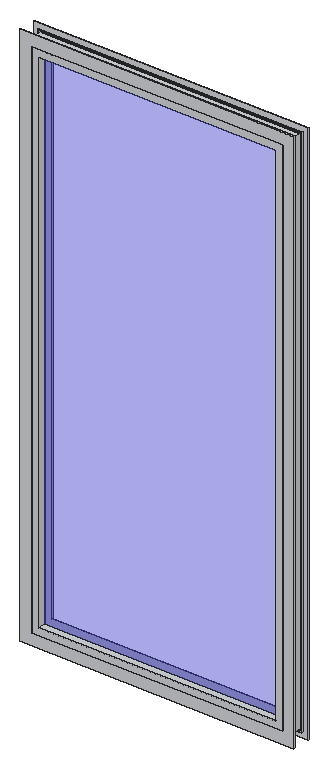
Revit family "1150_Fixed", category Windows, host Wall, Revit 2023
Family settings
  Host = Wall
  OmniClass Number = 23.30.20.00
  OmniClass Title = Windows
  Always vertical = Yes
  Cut with Voids When Loaded = No
  Shared = No
  Room Calculation Point = No
Parameters
  Height = 5' - 0"
  Glass Material = Glass
  Frame Material = none
  Depth From Exterior = 0' - 1"
  Default Sill Height = 2' - 6"
  Wall Closure = By host
  Width = 2' - 6"
Reference planes (in)
  plane 1 "Center (Front/Back)": y = 0
  plane 2: z = 0
  plane 3 "Center (Left/Right)": x = 0
  plane 4 "Left": x = -15
  plane 5 "Right": x = 15
  plane 6 "Sill": z = 30
  plane 7 "Top": z = 90
  plane 8: y = 3
  plane 9: y = 2
  plane 10: y = 0
Forms (in)
  Sweep 1, solid
    path origin (0, 0, 0) x (1, 0, 0) y (0, 0, 1)
      loop
        line (15, 30) -> (15, 90) -> (-15, 90) -> (-15, 30) -> (15, 30)
    profile origin (0, 0, 30) x (0, 0, -1) y (0, -1, 0)
      loop
        line (-2.031, -2) -> (0, -2) -> (0, -1.9) -> (-0.57, -1.9) -> (-0.57, -1.75) -> (-0.62, -1.75) -> (-0.62, -1.875) -> (-0.813, -1.875) -> (-0.813, -0.677) -> (-0.62, -0.677) -> (-0.62, -0.802) -> (-0.57, -0.802) -> (-0.57, -0.627) -> (-0.82, -0.627) -> (-0.82, -0.127) -> (0, -0.127) -> (0, 0) -> (-1.25, 0) -> (-1.25, -1.875) -> (-2.031, -1.875) -> (-2.031, -2)
  Sweep 2, solid, material "Glass" <- "Glass Material"
    path origin (0, 0, 0) x (0, 1, 0) y (0, 0, 1)
      loop
        line (1.875, 31.25) -> (1.875, 88.75)
    profile origin (0, 1.875, 60) x (0, -1, 0) y (1, 0, 0)
      loop
        line (0, -13.75) -> (0.25, -13.75) -> (0.25, 13.75) -> (0, 13.75) -> (0, -13.75)
      loop
        line (0.75, -13.75) -> (1, -13.75) -> (1, 13.75) -> (0.75, 13.75) -> (0.75, -13.75)
  Sweep 3, solid
    path origin (0, 0, 0) x (1, 0, 0) y (0, 0, 1)
      loop
        line (-13.75, 31.25) -> (13.75, 31.25) -> (13.75, 88.75) -> (-13.75, 88.75) -> (-13.75, 31.25)
    profile origin (0, 0, 31.25) x (0, 0, 1) y (0, -1, 0)
      loop
        line (0.7811, 0) -> (0, 0) -> (0, -0.625) -> (0.34274, -0.625) -> (0.34274, -0.778) -> (0.7811, -0.778) -> (0.7811, 0)
Lines and regions (in)
  Opening 1
    outline origin (-60, -3, 0) x (1, 0, 0) y (0, 0, 1)
      loop
        line (45, 90) -> (45, 30) -> (75, 30) -> (75, 90) -> (45, 90)
Text (in)
  text "EXTERIOR" at (-58.6888, 50.90694, 0), in view "Ref. Level"
  text "INTERIOR" at (-58.6888, -37.76638, 0), in view "Ref. Level"
  text "Exterior" at (0, 43.65631, 123.19604), in view "Left"
  text "Exterior" at (0, 18.29385, 125.04747), in view "Right"
Dimensions and locks (in)
  equal spacing: plane 4 "Left", plane 3 "Center (Left/Right)", plane 5 "Right"
  plane 4 "Left" to plane 5 "Right" = 2' - 6"
  "Width": plane 4 "Left" to plane 5 "Right"
  "Height": plane 6 "Sill" to plane 7 "Top"
  "Default Sill Height": plane 2 to plane 6 "Sill"
  "Depth From Exterior": plane 8 to plane 9
  locked: plane 9 to plane 10 at 2
  aligned and locked: plane 7 "Top" to Opening 1 sketch curve
  aligned and locked: plane 6 "Sill" to Opening 1 sketch curve  (x2)
  aligned and locked: plane 5 "Right" to Opening 1 sketch curve
  aligned and locked: plane 4 "Left" to Opening 1 sketch curve
  aligned and locked: level to plane 2
  aligned and locked: plane 6 "Sill" to Sweep 1 sketch curve
  aligned and locked: plane 4 "Left" to Sweep 1 sketch curve
  aligned and locked: Sweep 1 sketch curve to plane 7 "Top"
  aligned and locked: Sweep 1 sketch curve to plane 5 "Right"
  aligned and locked: Sweep 2 sketch curve to Sweep 1  (x5)
  aligned and locked: plane 8 to host wall
  aligned and locked: plane 9 to Sweep 1
  aligned and locked: Sweep 3 sketch curve to Sweep 1  (x4)
  aligned and locked: plane 10 to Sweep 3
  aligned and locked: plane 10 to Sweep 1
Automatic sketch dimensions
  profile plane to Sweep 1 sketch curve = 0' - 1 1/4"
  Sweep 1 sketch curve to Sweep 1 sketch curve = 0' - 0.43"
  Sweep 1 sketch curve to Sweep 1 sketch curve = 0' - 0.007"
  Sweep 1 sketch curve to Sweep 1 sketch curve = 0' - 0.193"  (x2)
  Sweep 1 sketch curve to Sweep 1 sketch curve = 0' - 0.05"  (x3)
  Sweep 1 sketch curve to Sweep 1 sketch curve = 0' - 0.82"
  Sweep 1 sketch curve to Sweep 1 sketch curve = 0' - 0.57"
  Sweep 1 sketch curve to plane 1 "Center (Front/Back)" = 0' - 2"
  Sweep 1 sketch curve to Sweep 1 sketch curve = 0' - 0.1"
  Sweep 1 sketch curve to Sweep 1 sketch curve = 0' - 0.025"
  Sweep 1 sketch curve to Sweep 1 sketch curve = 0' - 0"
  Sweep 1 sketch curve to Sweep 1 sketch curve = 0' - 0 1/8"  (x2)
  Sweep 1 sketch curve to Sweep 1 sketch curve = 0' - 0.948"
  Sweep 1 sketch curve to Sweep 1 sketch curve = 0' - 0 1/2"
  Sweep 1 sketch curve to Sweep 1 sketch curve = 0' - 0.127"
  Sweep 1 sketch curve to Sweep 1 sketch curve = 0' - 0.781"
  Sweep 2 sketch curve to plane 6 "Sill" = 0' - 1 1/4"
  plane 7 "Top" to Sweep 2 sketch curve = 0' - 1 1/4"
  profile plane to Sweep 2 sketch curve = 0' - 0"
  Sweep 2 sketch curve to Sweep 2 sketch curve = 0' - 0 1/4"  (x2)
  Sweep 2 sketch curve to Sweep 2 sketch curve = 0' - 0 1/2"
  Sweep 3 sketch curve to profile plane = 0' - 0"
  Sweep 3 sketch curve to Sweep 3 sketch curve = 0' - 0.34274"
  Sweep 3 sketch curve to Sweep 3 sketch curve = 0' - 0.43836"
  Sweep 3 sketch curve to plane 1 "Center (Front/Back)" = 0' - 0.778"
  Sweep 3 sketch curve to Sweep 3 sketch curve = 0' - 0.153"
  Sweep 3 sketch curve to Sweep 3 sketch curve = 0' - 0 5/8"
